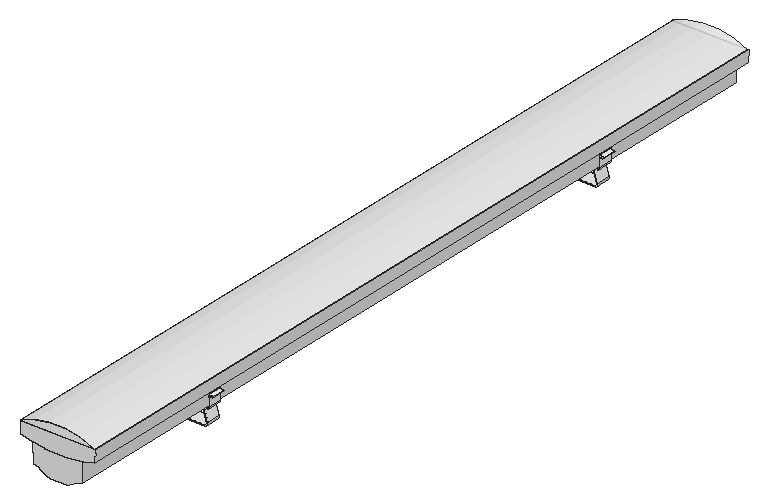
Revit family "Lighting-Industriale-GEWISS-SMART[3]-PLAFONIERA-LED_OPALE_1200mm", category Apparecchi per illuminazione, host Superficie, Revit 2019
Family settings
  Host = Superficie
  Quota connettore circolare = Usa diametro
  Tipo di parte = Normale
  Numero OmniClass = 23.80.70.11
  Titolo OmniClass = Luminaries for Internal Lighting
  Taglio con vuoti quando caricato = No
  Sorgente d'illuminazione = No
  Condiviso = No
  Punto di calcolo locali = Sì
Parameters (values of type "GWS3236PD30K - SMART3 LED 1200 2X36 OPALE DALI 30K")
  Visibilita_etichetta [instance] = yes
  Versione file RFA = "20.11"
  URL = "https://www.gewiss.com/it/it"
  Tipologia sorgente luminosa = "LED - Non sostituibile"
  Tipologia = "DALI"
  Tipo alimentatore = "Driver Led in corrente continua"
  Tensione = "220/240 V - 50/60 Hz - Dali"
  Temperatura di utilizzo = "-30 +50 °C"
  Temperatura di funzionamento = "-25 +50 °C"
  Temperatura di colore: = "3000 K (CRI 80)"
  Temperatura di colore = "3000 K (CRI 80)"
  Struttura = GEWISS - SMART 3 - GRIGIO
  Stampa 1_200 = no
  Stampa 1_100 = not(Stampa 1_200)  # yes
  Spostamento_Y_etichetta [instance] = 0 mm
  Spostamento_Y_effettivo_etichetta [instance] = 1500 mm - Spostamento_Y_etichetta  # 1500 mm
  Spostamento_X_etichetta [instance] = 0 mm
  Spostamento_X_effettivo_etichetta [instance] = 1500 mm - Spostamento_X_etichetta  # 1500 mm
  Schermo. = Gewiss - Led Acceso
  Schermo = "Opale"
  Scheda Tecnica = "https://www.gewiss.com/it/it/search?q=GWS3236PD30K"
  SEO = "Plafoniera"
  Resistenza agli urti = "IK08"
  Default Elevation = 1219.2 mm
  Produttore = "GEWISS S.p.A."
  Potenza di sistema = "40W"
  Peso (kg): = "2"
  NÂ° LED (#) = "63"
  Modello = "GWS3236PD30K"
  Lunghezza Lampada = 1200 mm  # constant formula
  Lunghezza = "1200 mm"
  Lumen output (lm) = "4500"
  Lampada: = "LED"
  Lampada = "LED"
  LED LifeTime (L80B20) = "85000H"
  LED Life time (L90B50) = "50000H"
  LED Life time (L80B50) = "100000H"
  LED Life time (L70) = "80000H"
  Immagine tipo = GWS3136P.jpg
  IFC.TypeObject = ""
  IFC.ExportType = ""
  IFC.ExportAs = ""
  IDT = "6d1ae202-d28e-42ab-a03c-f890c181dcac"
  IDF = "88a93abf-ed4e-4284-b5e5-3f2e7fa50ef6"
  Grado di protezione = "IP66/IP69"
  Glow Wire Test = "850°C"
  Garanzia = "5 anni"
  Ganci = GEWISS  - ALLUMINIO
  Flusso nominale (lm) = "5500"
  Failure rate apparecchio (50.000h, Tq=25Â° C) = "<2,5%"
  Failure rate apparecchio (35.000h, Tq=35Â° C) = "<2,5%"
  Descrizione = "SMART3 1200 63LED 45W OPALE DALI 3000K"
  Creato da GEWISS S.p.A. = ""
  Commenti sul wattaggio = "45W"
  Codice Electrocod = "2434"
  Codice EAN = "8011564877061"
  Classe isolamento = "II"
  Classe di efficienza LED integrati = "A ÷ A++"
  Catalogo Serie = "SMART [3]"
  Catalogo = "LIGHTING"
  Carico apparente = 45 VA
  COBie.Tagnumber = ""
  COBie.CreatedOn = ""
  COBie.CreatebBy = ""
  COBie.ComponentRegisterItemID = ""
  COBie.Component.TagNumber = ""
  COBie.Component.Space = ""
  COBie.Component.SerialNumber = ""
  COBie.Component.InstallationDate = ""
  COBie.Component.Description = ""
  COBie.Component.BarCode = ""
  Applicazione = "Interno"
  Apparecchio a ridotta temperatura superficiale = "Conforme"
Types (17, lengths in mm): name | Tipologia | Tensione | Temperatura di colore: | Temperatura di colore | Schermo | Scheda Tecnica | Potenza di sistema | NÂ° LED (#) | Modello | Lumen output (lm) | IDT | Flusso nominale (lm) | Descrizione | Commenti sul wattaggio | Codice EAN | Carico apparente
  (no name) | "DALI" | "220/240 V - 50/60 Hz - Dali" | "3000 K (CRI 80)" | "3000 K (CRI 80)" | "Opale" | "https://www.gewiss.com/it/it/search?q=GWS3236PD30K" | "40W" | "63" | "GWS3236PD30K" | "4500" | "6d1ae202-d28e-42ab-a03c-f890c181dcac" | "5500" | "SMART3 1200 63LED 45W OPALE DALI 3000K" | "20W" | "8011564877061" | 20 VA
  GWS3236P57K - SMART3 LED 1200 2X36 OPALE 57K | "Stand alone" | "220/240 V - 50/60 Hz - Stand alone" | "5700 K (CRI 80)" | "5700 K (CRI 80)" | "Opale" | "https://www.gewiss.com/it/it/search?q=GWS3236P57K" | "40W" | "63" | "GWS3236P57K" | "4500" | "f4670a3a-d920-4993-b4a1-7a7209a80b32" | "5500" | "SMART3 1200 63LED 43W OPALE 5700K" | "43W" | "8011564872417" | 43 VA
  GWS3236PD - SMART3 LED 1200 2X36 OPALE DALI | "DALI" | "220/240 V - 50/60 Hz - Dali" | "4000 K (CRI 80)" | "4000 K (CRI 80)" | "Opale" | "https://www.gewiss.com/it/it/search?q=GWS3236PD" | "40W" | "63" | "GWS3236PD" | "4500" | "bcbc1ff6-813a-452e-a920-af4e6536ddc7" | "5500" | "SMART3 1200 63LED 45W OPALE 4000K DALI" | "45W" | "8011564869226" | 45 VA
  GWS3236PD30K - SMART3 LED 1200 2X36 OPALE DALI 30K | "DALI" | "220/240 V - 50/60 Hz - Dali" | "3000 K (CRI 80)" | "3000 K (CRI 80)" | "Opale" | "https://www.gewiss.com/it/it/search?q=GWS3236PD30K" | "40W" | "63" | "GWS3236PD30K" | "4500" | "6d1ae202-d28e-42ab-a03c-f890c181dcac" | "5500" | "SMART3 1200 63LED 45W OPALE DALI 3000K" | "45W" | "8011564877061" | 45 VA
  GWS3236PD57K - SMART3 LED 1200 2X36 OPALE DALI 57K | "DALI" | "220/240 V - 50/60 Hz - Dali" | "5700 K (CRI 80)" | "5700 K (CRI 80)" | "Opale" | "https://www.gewiss.com/it/it/search?q=GWS3236PD57K" | "40W" | "63" | "GWS3236PD57K" | "4500" | "9f6dd6ad-c686-4a06-881d-54e529a95397" | "5500" | "SMART3 1200 63LED 45W OPALE DALI 5700K" | "45W" | "8011564877078" | 45 VA
  GWS3136PL - SMART3 LED 1200 1X36 OPALE LP | "Stand alone" | "220/240 V - 50/60 Hz - Stand alone" | "4000 K (CRI 80)" | "4000 K (CRI 80)" | "Opale con cablaggio passante" | "https://www.gewiss.com/it/it/search?q=GWS3136PL" | "20W" | "54" | "GWS3136PL" | "2300" | "74bcd6f5-0182-4508-bd13-301becc1230f" | "2900" | "SMART3 1200 54LED 20W OPALE CABLAGGIO PASSANTE 4000K" | "20W" | "8011564857582" | 20 VA
  GWS3136PLD - SMART3 LED 1200 1X36 OPALE DALI LP | "DALI" | "220/240 V - 50/60 Hz - Dali" | "4000 K (CRI 80)" | "4000 K (CRI 80)" | "Opale con cablaggio passante" | "https://www.gewiss.com/it/it/search?q=GWS3136PLD" | "21W" | "54" | "GWS3136PLD" | "2300" | "20602e6c-2f47-4c8c-bf98-4875574b0b81" | "2900" | "SMART3 1200 54LED 20W OPALE CABLAGGIO PASSANTE DALI 4000K" | "20W" | "8011564872042" | 20 VA
  GWS3236PL - SMART3 LED 1200 2X36 OPALE LP | "Stand alone" | "220/240 V - 50/60 Hz - Stand alone" | "4000 K (CRI 80)" | "4000 K (CRI 80)" | "Opale con cablaggio passante" | "https://www.gewiss.com/it/it/search?q=GWS3236PL" | "40W" | "63" | "GWS3236PL" | "4500" | "6bdd60c4-5580-4a93-9967-79fe81d7c187" | "5500" | "SMART3 1200 63LED 43W OPALE CABLAGGIO PASSANTE 4000K" | "43W" | "8011564857605" | 43 VA
  GWS3236PL30K - SMART3 LED 1200 2X36 OPALE 30K LP | "Stand alone" | "220/240 V - 50/60 Hz - Stand alone" | "3000 K (CRI 80)" | "3000 K (CRI 80)" | "Opale con cablaggio passante" | "https://www.gewiss.com/it/it/search?q=GWS3236PL30K" | "40W" | "63" | "GWS3236PL30K" | "4500" | "3fef82af-84ed-4717-abe7-9d98b095e320" | "5500" | "SMART3 1200 63LED 43W OPALE CABLAGGIO PASSANTE 3000K" | "43W" | "8011564871946" | 43 VA
  GWS3236PL57K - SMART3 LED 1200 2X36 OPALE 57K LP | "Stand alone" | "220/240 V - 50/60 Hz - Stand alone" | "5700 K (CRI 80)" | "5700 K (CRI 80)" | "Opale con cablaggio passante" | "https://www.gewiss.com/it/it/search?q=GWS3236PL57K" | "40W" | "63" | "GWS3236PL57K" | "4500" | "abc0ed3b-bac7-4374-b21a-7809df3421c4" | "5500" | "SMART3 1200 63LED 43W OPALE CABLAGGIO PASSSANTE 5700K" | "43W" | "8011564872455" | 43 VA
  GWS3236PLD - SMART3 LED 1200 2X36 OPALE DALI LP | "DALI" | "220/240 V - 50/60 Hz - Dali" | "4000 K (CRI 80)" | "4000 K (CRI 80)" | "Opale con cablaggio passante" | "https://www.gewiss.com/it/it/search?q=GWS3236PLD" | "40W" | "63" | "GWS3236PLD" | "4500" | "0548514d-88ff-44da-8324-ba3c1dc94def" | "5500" | "SMART3 1200 63LED 45W OPALE CABLAGGIO PASSANTE DALI 4000K" | "45W" | "8011564872035" | 45 VA
  GWS3236PLD30K - SMART3 LED 1200 2X36 OPALE DALI 30K LP | "DALI" | "220/240 V - 50/60 Hz - Dali" | "3000 K (CRI 80)" | "3000 K (CRI 80)" | "Opale con cablaggio passante" | "https://www.gewiss.com/it/it/search?q=GWS3236PLD30K" | "40W" | "63" | "GWS3236PLD30K" | "4500" | "e33183f5-e4b9-4046-988c-2f97ef39d33e" | "5500" | "SMART3 1200 63LED 45W OPALE CABLAGGIO PASSANTE DALI 3000K" | "45W" | "8011564877085" | 45 VA
  GWS3236PLD57K - SMART3 LED 1200 2X36 OPALE DALI 57K LP | "DALI" | "220/240 V - 50/60 Hz - Dali" | "5700 K (CRI 80)" | "5700 K (CRI 80)" | "Opale con cablaggio passante" | "https://www.gewiss.com/it/it/search?q=GWS3236PLD57K" | "40W" | "63" | "GWS3236PLD57K" | "4500" | "a2817ed0-fa27-4c19-a29a-9b6083e21286" | "5500" | "SMART3 1200 63LED 45W OPALE CABLAGGIO PASSANTE DALI 5700K" | "45W" | "8011564877092" | 45 VA
  GWS3136P - SMART3 LED 1200 1X36 OPALE | "Stand alone" | "220/240 V - 50/60 Hz - Stand alone" | "4000 K (CRI 80)" | "4000 K (CRI 80)" | "Opale" | "https://www.gewiss.com/it/it/search?q=GWS3136P" | "20W" | "54" | "GWS3136P" | "2300" | "9dfc6fcb-4477-4ddc-83d0-90dad949a377" | "2900" | "SMART3 1200 54LED 20W OPALE 4000K" | "20W" | "8011564857537" | 20 VA
  GWS3236P - SMART3 LED 1200 2X36 OPALE | "Stand alone" | "220/240 V - 50/60 Hz - Stand alone" | "4000 K (CRI 80)" | "4000 K (CRI 80)" | "Opale" | "https://www.gewiss.com/it/it/search?q=GWS3236P" | "40W" | "63" | "GWS3236P" | "4500" | "ee5477fc-5d5a-4ab9-b357-8ea4dd7ac4dc" | "5500" | "SMART3 1200 63LED 43W OPALE 4000K" | "43W" | "8011564857568" | 43 VA
  GWS3236P30K - SMART3 LED 1200 2X36 OPALE 30K | "Stand alone" | "220/240 V - 50/60 Hz - Stand alone" | "3000 K (CRI 80)" | "3000 K (CRI 80)" | "Opale" | "https://www.gewiss.com/it/it/search?q=GWS3236P30K" | "40W" | "63" | "GWS3236P30K" | "4500" | "4de1e3c8-6dd7-4664-82c6-78de08505db0" | "5500" | "SMART3 1200 63LED 43W OPALE 3000K" | "43W" | "8011564872615" | 43 VA
  GWS3136PD - SMART3 LED 1200 1X36 OPALE DALI | "DALI" | "220/240 V - 50/60 Hz - Dali" | "4000 K (CRI 80)" | "4000 K (CRI 70)" | "Opale" | "https://www.gewiss.com/it/it/search?q=GWS3136PD" | "21W" | "54" | "GWS3136PD" | "2300" | "72726cfb-c859-47d2-bd20-1617affb04b6" | "2900" | "SMART3 1200 54LED 22W OPALE DALI 4000K" | "20W" | "8011564869196" | 20 VA
Reference planes
  plane 1 "Centro (Fronte/Retro)": y = 0
  plane 2: z = 0
  plane 3 "Centro (Sinistra/Destra)": x = 0
  plane 4: x = -1500
  plane 5: y = -1500
  plane 6: x = 0
  plane 7: y = 0
Forms (mm)
  Extrusion 1, solid, material "GEWISS  - ALLUMINIO" <- "Ganci", detail levels medium+fine
    sketch origin (0, 0, 0) x (1, 0, 0) y (0, 0, 1)
      loop
        arc (31.431, -0.002) -> (34.576, 1.589) -> (35.156, 5.066) r 3.903
        line (35.156, 5.066) -> (29.612, 23.211)
        arc (29.612, 23.211) -> (29.883, 24.381) -> (31.032, 24.73) r 1.2
        line (31.032, 24.73) -> (34.307, 23.974)
        arc (34.307, 23.974) -> (36.765, 24.53) -> (37.859, 26.8) r 2.9
        line (37.859, 26.8) -> (37.859, 38.8)
        arc (37.859, 38.8) -> (37.648, 39.694) -> (37.059, 40.4) r 2
        line (37.059, 40.4) -> (37.059, 42.71) -> (42.861, 40.598) -> (43.203, 41.538) -> (37.53, 43.603)
        arc (37.53, 43.603) -> (37.019, 43.613) -> (36.605, 43.311) r 0.8
        line (36.605, 43.311) -> (36.306, 26.139)
        arc (36.306, 26.139) -> (35.6, 25.444) -> (34.616, 25.34) r 1.5
        line (34.616, 25.34) -> (31.344, 26.095)
        arc (31.344, 26.095) -> (28.858, 25.335) -> (28.273, 22.802) r 2.6
        line (28.273, 22.802) -> (33.827, 4.636)
        arc (33.827, 4.636) -> (33.449, 2.415) -> (31.438, 1.4) r 2.5
        line (31.438, 1.4) -> (-31.437, 1.4)
        arc (-31.437, 1.4) -> (-33.449, 2.415) -> (-33.827, 4.636) r 2.5
        line (-33.827, 4.636) -> (-28.273, 22.802)
        arc (-28.273, 22.802) -> (-28.858, 25.335) -> (-31.344, 26.095) r 2.6
        line (-31.344, 26.095) -> (-34.616, 25.34)
        arc (-34.616, 25.34) -> (-35.6, 25.444) -> (-36.306, 26.139) r 1.5
        line (-36.306, 26.139) -> (-36.605, 43.311)
        arc (-36.605, 43.311) -> (-37.019, 43.613) -> (-37.53, 43.603) r 0.8
        line (-37.53, 43.603) -> (-43.203, 41.538) -> (-42.861, 40.598) -> (-37.059, 42.71) -> (-37.059, 40.4)
        arc (-37.059, 40.4) -> (-37.648, 39.694) -> (-37.859, 38.8) r 2
        line (-37.859, 38.8) -> (-37.859, 26.8)
        arc (-37.859, 26.8) -> (-36.765, 24.53) -> (-34.307, 23.974) r 2.9
        line (-34.307, 23.974) -> (-31.032, 24.73)
        arc (-31.032, 24.73) -> (-29.883, 24.381) -> (-29.612, 23.211) r 1.2
        line (-29.612, 23.211) -> (-35.156, 5.066)
        arc (-35.156, 5.066) -> (-34.576, 1.589) -> (-31.431, -0.002) r 3.903
        line (-31.431, -0.002) -> (31.431, -0.002)
    from 348.766 to 368.766
  Extrusion 2, solid, material "GEWISS  - ALLUMINIO" <- "Ganci", detail levels medium+fine
    sketch origin (0, 0, 0) x (1, 0, 0) y (0, 0, -1)
      loop
        line (31.431, 0.002) -> (-31.431, 0.002)
        arc (-31.431, 0.002) -> (-34.576, -1.589) -> (-35.156, -5.066) r 3.903
        line (-35.156, -5.066) -> (-29.612, -23.211)
        arc (-29.612, -23.211) -> (-29.883, -24.381) -> (-31.032, -24.73) r 1.2
        line (-31.032, -24.73) -> (-34.307, -23.974)
        arc (-34.307, -23.974) -> (-36.765, -24.53) -> (-37.859, -26.8) r 2.9
        line (-37.859, -26.8) -> (-37.859, -38.8)
        arc (-37.859, -38.8) -> (-37.648, -39.694) -> (-37.059, -40.4) r 2
        line (-37.059, -40.4) -> (-37.059, -42.71) -> (-42.861, -40.598) -> (-43.203, -41.538) -> (-37.53, -43.603)
        arc (-37.53, -43.603) -> (-37.019, -43.613) -> (-36.605, -43.311) r 0.8
        line (-36.605, -43.311) -> (-36.306, -26.139)
        arc (-36.306, -26.139) -> (-35.6, -25.444) -> (-34.616, -25.34) r 1.5
        line (-34.616, -25.34) -> (-31.344, -26.095)
        arc (-31.344, -26.095) -> (-28.858, -25.335) -> (-28.273, -22.802) r 2.6
        line (-28.273, -22.802) -> (-33.827, -4.636)
        arc (-33.827, -4.636) -> (-33.449, -2.415) -> (-31.437, -1.4) r 2.5
        line (-31.437, -1.4) -> (31.438, -1.4)
        arc (31.438, -1.4) -> (33.449, -2.415) -> (33.827, -4.636) r 2.5
        line (33.827, -4.636) -> (28.273, -22.802)
        arc (28.273, -22.802) -> (28.858, -25.335) -> (31.344, -26.095) r 2.6
        line (31.344, -26.095) -> (34.616, -25.34)
        arc (34.616, -25.34) -> (35.6, -25.444) -> (36.306, -26.139) r 1.5
        line (36.306, -26.139) -> (36.605, -43.311)
        arc (36.605, -43.311) -> (37.019, -43.613) -> (37.53, -43.603) r 0.8
        line (37.53, -43.603) -> (43.203, -41.538) -> (42.861, -40.598) -> (37.059, -42.71) -> (37.059, -40.4)
        arc (37.059, -40.4) -> (37.648, -39.694) -> (37.859, -38.8) r 2
        line (37.859, -38.8) -> (37.859, -26.8)
        arc (37.859, -26.8) -> (36.765, -24.53) -> (34.307, -23.974) r 2.9
        line (34.307, -23.974) -> (31.032, -24.73)
        arc (31.032, -24.73) -> (29.883, -24.381) -> (29.612, -23.211) r 1.2
        line (29.612, -23.211) -> (35.156, -5.066)
        arc (35.156, -5.066) -> (34.576, -1.589) -> (31.431, 0.002) r 3.903
    from 348.766 to 368.766
  Extrusion 3, solid, material "GEWISS - SMART 3 - GRIGIO" <- "Struttura", detail levels medium+fine
    sketch origin (0, 0, 0) x (1, 0, 0) y (0, 0, 1)
      loop
        line (-36.331, 55.757) -> (-35.847, 28.018)
        arc (-35.847, 28.018) -> (-33.139, 27.27) -> (-30.416, 26.58) r 129.5
        arc (-30.416, 26.58) -> (-28.066, 25.76) -> (-25.915, 24.506) r 13
        arc (-25.915, 24.506) -> (-24.23, 23.324) -> (-22.521, 22.178) r 99.5
        arc (-22.521, 22.178) -> (-16.401, 19.063) -> (-9.748, 17.365) r 31.146
        line (-9.748, 17.365) -> (12.491, 17.365)
        arc (12.491, 17.365) -> (17.822, 19.098) -> (22.764, 21.745) r 31.646
        arc (22.764, 21.745) -> (24.509, 22.915) -> (26.228, 24.122) r 100
        arc (26.228, 24.122) -> (28.283, 25.313) -> (30.525, 26.095) r 12.5
        arc (30.525, 26.095) -> (33.437, 26.834) -> (36.332, 27.64) r 130
        line (36.332, 27.64) -> (36.824, 55.851)
        arc (36.824, 55.851) -> (24.914, 53.937) -> (12.909, 52.764) r 195.047
        line (12.909, 52.764) -> (-12.909, 52.764)
        arc (-12.909, 52.764) -> (-24.665, 53.905) -> (-36.331, 55.757) r 195.047
    from -600 to 600
  Extrusion 4, solid, material "GEWISS - SMART 3 - GRIGIO" <- "Struttura", detail levels medium+fine
    sketch origin (0, 0, 0) x (1, 0, 0) y (0, 0, 1)
      loop
        line (54.725, 60.184) -> (55.177, 77.445) -> (-55.177, 77.445) -> (-54.725, 60.184)
        arc (-54.725, 60.184) -> (-34.019, 55.332) -> (-12.909, 52.764) r 195.047
        line (-12.909, 52.764) -> (12.909, 52.764)
        arc (12.909, 52.764) -> (34.019, 55.332) -> (54.725, 60.184) r 195.047
    from -600 to 600
  Extrusion 5, solid, material "Gewiss - Led Acceso" <- "Schermo.", detail levels medium+fine
    sketch origin (0, 0, 0) x (1, 0, 0) y (0, 0, 1)
      loop
        arc (54.697, 78.441) -> (-0.014, 90.457) -> (-54.723, 78.429) r 130.5
        arc (-54.723, 78.429) -> (-54.988, 77.838) -> (-54.5, 77.445) r 0.5
        line (-54.5, 77.445) -> (54.479, 77.445)
        arc (54.479, 77.445) -> (54.988, 77.855) -> (54.697, 78.441) r 0.522
    from -600 to 600
  Extrusion 6, solid, material "GEWISS - SMART 3 - GRIGIO" <- "Struttura", detail levels coarse
    sketch origin (0, 0, 0) x (1, 0, 0) y (0, 0, 1)
      loop
        line (-54.5, 90.439) -> (-54.5, 0) -> (54.5, 0) -> (54.5, 90.439) -> (-54.5, 90.439)
    from -600 to 600
Lines and regions (mm)
  Masking region 1
    outline origin (0, 0, 0) x (1, 0, 0) y (0, 1, 0)
      loop
        line (-55.177, 600) -> (-55.177, -600) -> (55.177, -600) -> (55.177, 600) -> (-55.177, 600)
  symbolic lines, style "GEWISS - LIGHT 2D"
    curve 1: line (0, 488.766, 0) -> (0, -535.897, 0)
Dimensions and locks
  plane 4 to plane 3 "Centro (Sinistra/Destra)" = 1500 mm
  "Spostamento_X_effettivo_etichetta": plane 4 to plane 6
  plane 1 "Centro (Fronte/Retro)" to plane 5 = 1500 mm
  "Spostamento_Y_effettivo_etichetta": plane 7 to plane 5
  aligned and locked: plane 2 to host face
  aligned and locked: level to host face
  aligned and locked: Masking region 1 sketch curve to Extrusion 4  (x4)
  aligned and locked: nested 1 to plane 7
  aligned and locked: plane 6 to nested 1
  aligned and locked: curve 1 to plane 3 "Centro (Sinistra/Destra)"
Automatic sketch dimensions
  host sketch curve to host sketch curve = 2438.4 mm  (x2)
  Extrusion 1 sketch curve to Extrusion 1 sketch curve = 0 mm  (x28)
  Extrusion 1 sketch curve to plane 3 "Centro (Sinistra/Destra)" = 43.203 mm
  level to Extrusion 1 sketch curve = 40.598 mm
  Extrusion 1 sketch curve to Extrusion 1 sketch curve = 0.342 mm  (x2)
  Extrusion 1 sketch curve to Extrusion 1 sketch curve = 5.002 mm  (x2)
  Extrusion 1 sketch curve to Extrusion 1 sketch curve = 0.329 mm
  Extrusion 1 sketch curve to Extrusion 1 sketch curve = 0.271 mm  (x2)
  Extrusion 1 sketch curve to Extrusion 1 sketch curve = 0.8 mm  (x2)
  Extrusion 1 sketch curve to Extrusion 1 sketch curve = 0.454 mm  (x2)
  Extrusion 1 sketch curve to Extrusion 1 sketch curve = 1.554 mm
  Extrusion 1 sketch curve to Extrusion 1 sketch curve = 2 mm
  level to Extrusion 1 sketch curve = 5.066 mm  (x2)
  Extrusion 1 sketch curve to Extrusion 1 sketch curve = 1.15 mm
  Extrusion 1 sketch curve to Extrusion 1 sketch curve = 1.346 mm  (x2)
  Extrusion 1 sketch curve to Extrusion 1 sketch curve = 0.343 mm  (x2)
  level to Extrusion 1 sketch curve = 4.636 mm  (x2)
  Extrusion 1 sketch curve to Extrusion 1 sketch curve = 1.329 mm  (x2)
  level to Extrusion 1 sketch curve = 1.4 mm
  Extrusion 1 sketch curve to Extrusion 1 sketch curve = 2.389 mm  (x2)
  Extrusion 1 sketch curve to Extrusion 1 sketch curve = 0.007 mm  (x2)
  Extrusion 1 sketch curve to Extrusion 1 sketch curve = 3.584 mm  (x2)
  Extrusion 1 sketch curve to Extrusion 1 sketch curve = 0.273 mm  (x2)
  plane 3 "Centro (Sinistra/Destra)" to Extrusion 1 sketch curve = 30.759 mm
  Extrusion 1 sketch curve to level = 0.002 mm
  Extrusion 1 sketch curve to Extrusion 1 sketch curve = 0.672 mm
  Extrusion 1 sketch curve to Extrusion 1 sketch curve = 0.9 mm
  level to Extrusion 1 sketch curve = 26.139 mm
  Extrusion 1 sketch curve to Extrusion 1 sketch curve = 0.746 mm
  Extrusion 1 sketch curve to Extrusion 1 sketch curve = 0.2 mm
  Extrusion 1 sketch curve to Extrusion 1 sketch curve = 2.577 mm
  Extrusion 1 sketch curve to Extrusion 1 sketch curve = 18.496 mm
  Extrusion 1 sketch curve to Extrusion 1 sketch curve = 1.169 mm  (x2)
  Extrusion 1 sketch curve to Extrusion 1 sketch curve = 0.799 mm  (x2)
  Extrusion 1 sketch curve to Extrusion 1 sketch curve = 0.609 mm
  Extrusion 1 sketch curve to Extrusion 1 sketch curve = 1.798 mm  (x2)
  Extrusion 1 sketch curve to Extrusion 1 sketch curve = 12 mm
  Extrusion 1 sketch curve to Extrusion 1 sketch curve = 0.94 mm  (x2)
  Extrusion 1 sketch curve to Extrusion 1 sketch curve = 0.14 mm  (x2)
  Extrusion 1 sketch curve to Extrusion 1 sketch curve = 0.309 mm  (x2)
  Extrusion 1 sketch curve to Extrusion 1 sketch curve = 0.312 mm  (x2)
  Extrusion 1 sketch curve to Extrusion 1 sketch curve = 1.148 mm  (x2)
  Extrusion 1 sketch curve to Extrusion 1 sketch curve = 1.339 mm
  Extrusion 1 sketch curve to Extrusion 1 sketch curve = 2.486 mm
  Extrusion 1 sketch curve to Extrusion 1 sketch curve = 0.409 mm  (x2)
  Extrusion 2 sketch curve to Extrusion 2 sketch curve = 0 mm  (x28)
  Extrusion 2 sketch curve to plane 3 "Centro (Sinistra/Destra)" = 43.203 mm
  level to Extrusion 2 sketch curve = 40.598 mm
  Extrusion 2 sketch curve to Extrusion 2 sketch curve = 0.342 mm  (x2)
  Extrusion 2 sketch curve to Extrusion 2 sketch curve = 5.002 mm  (x2)
  Extrusion 2 sketch curve to Extrusion 2 sketch curve = 0.329 mm
  Extrusion 2 sketch curve to Extrusion 2 sketch curve = 0.271 mm  (x2)
  Extrusion 2 sketch curve to Extrusion 2 sketch curve = 0.8 mm  (x2)
  Extrusion 2 sketch curve to Extrusion 2 sketch curve = 0.454 mm  (x2)
  Extrusion 2 sketch curve to Extrusion 2 sketch curve = 1.554 mm
  Extrusion 2 sketch curve to Extrusion 2 sketch curve = 2 mm
  level to Extrusion 2 sketch curve = 5.066 mm  (x2)
  Extrusion 2 sketch curve to Extrusion 2 sketch curve = 1.15 mm
  Extrusion 2 sketch curve to Extrusion 2 sketch curve = 1.346 mm  (x2)
  Extrusion 2 sketch curve to Extrusion 2 sketch curve = 0.343 mm  (x2)
  level to Extrusion 2 sketch curve = 4.636 mm  (x2)
  Extrusion 2 sketch curve to Extrusion 2 sketch curve = 1.329 mm  (x2)
  level to Extrusion 2 sketch curve = 1.4 mm
  Extrusion 2 sketch curve to Extrusion 2 sketch curve = 2.389 mm  (x2)
  Extrusion 2 sketch curve to Extrusion 2 sketch curve = 0.007 mm  (x2)
  Extrusion 2 sketch curve to Extrusion 2 sketch curve = 3.584 mm  (x2)
  Extrusion 2 sketch curve to Extrusion 2 sketch curve = 0.273 mm  (x2)
  plane 3 "Centro (Sinistra/Destra)" to Extrusion 2 sketch curve = 30.759 mm
  Extrusion 2 sketch curve to level = 0.002 mm
  Extrusion 2 sketch curve to Extrusion 2 sketch curve = 0.672 mm
  Extrusion 2 sketch curve to Extrusion 2 sketch curve = 0.9 mm
  level to Extrusion 2 sketch curve = 26.139 mm
  Extrusion 2 sketch curve to Extrusion 2 sketch curve = 0.746 mm
  Extrusion 2 sketch curve to Extrusion 2 sketch curve = 0.2 mm
  Extrusion 2 sketch curve to Extrusion 2 sketch curve = 14.46 mm
  Extrusion 2 sketch curve to Extrusion 2 sketch curve = 0.94 mm  (x2)
  Extrusion 2 sketch curve to Extrusion 2 sketch curve = 0.14 mm  (x2)
  Extrusion 2 sketch curve to Extrusion 2 sketch curve = 2.31 mm  (x2)
  Extrusion 2 sketch curve to Extrusion 2 sketch curve = 12 mm
  Extrusion 2 sketch curve to Extrusion 2 sketch curve = 0.661 mm  (x2)
  Extrusion 2 sketch curve to Extrusion 2 sketch curve = 0.609 mm  (x2)
  Extrusion 2 sketch curve to Extrusion 2 sketch curve = 1.169 mm  (x2)
  Extrusion 2 sketch curve to Extrusion 2 sketch curve = 0.309 mm  (x2)
  Extrusion 2 sketch curve to Extrusion 2 sketch curve = 0.312 mm  (x2)
  Extrusion 2 sketch curve to Extrusion 2 sketch curve = 1.148 mm  (x2)
  Extrusion 2 sketch curve to Extrusion 2 sketch curve = 1.339 mm
  Extrusion 2 sketch curve to Extrusion 2 sketch curve = 2.486 mm
  Extrusion 2 sketch curve to Extrusion 2 sketch curve = 1.365 mm  (x2)
  Extrusion 3 sketch curve to plane 3 "Centro (Sinistra/Destra)" = 36.331 mm
  Extrusion 3 sketch curve to Extrusion 3 sketch curve = 0.484 mm
  Extrusion 3 sketch curve to Extrusion 3 sketch curve = 2.34 mm
  Extrusion 3 sketch curve to plane 3 "Centro (Sinistra/Destra)" = 32.068 mm
  Extrusion 3 sketch curve to plane 3 "Centro (Sinistra/Destra)" = 12.909 mm
  Extrusion 3 sketch curve to plane 3 "Centro (Sinistra/Destra)" = 9.748 mm
  Extrusion 3 sketch curve to plane 3 "Centro (Sinistra/Destra)" = 5.421 mm
  Extrusion 3 sketch curve to plane 3 "Centro (Sinistra/Destra)" = 0.057 mm
  Extrusion 3 sketch curve to plane 3 "Centro (Sinistra/Destra)" = 0.007 mm
  Extrusion 3 sketch curve to plane 3 "Centro (Sinistra/Destra)" = 0.001 mm
  plane 3 "Centro (Sinistra/Destra)" to Extrusion 3 sketch curve = 0.057 mm
  plane 3 "Centro (Sinistra/Destra)" to Extrusion 3 sketch curve = 5.412 mm
  plane 3 "Centro (Sinistra/Destra)" to Extrusion 3 sketch curve = 12.491 mm
  Extrusion 3 sketch curve to Extrusion 3 sketch curve = 7.496 mm
  plane 3 "Centro (Sinistra/Destra)" to Extrusion 3 sketch curve = 32.059 mm
  Extrusion 3 sketch curve to Extrusion 3 sketch curve = 21.008 mm
  Extrusion 3 sketch curve to Extrusion 3 sketch curve = 2.833 mm
  Extrusion 3 sketch curve to Extrusion 3 sketch curve = 23.916 mm
  level to Extrusion 3 sketch curve = 13.953 mm  (x2)
  level to Extrusion 3 sketch curve = 17.365 mm  (x2)
  Extrusion 3 sketch curve to Extrusion 3 sketch curve = 13.687 mm
  Extrusion 3 sketch curve to Extrusion 3 sketch curve = 14.064 mm
  Extrusion 3 sketch curve to Extrusion 3 sketch curve = 30.844 mm
  Extrusion 3 sketch curve to Extrusion 3 sketch curve = 0 mm  (x3)
  Extrusion 3 sketch curve to Extrusion 3 sketch curve = 4.555 mm
  Extrusion 3 sketch curve to Extrusion 3 sketch curve = 2.993 mm
  Extrusion 3 sketch curve to Extrusion 3 sketch curve = 3.087 mm
  Extrusion 3 sketch curve to Extrusion 3 sketch curve = 49.52 mm
  Extrusion 3 sketch curve to Extrusion 3 sketch curve = 49.615 mm
  Extrusion 3 sketch curve to Extrusion 3 sketch curve = 47.089 mm
  Extrusion 3 sketch curve to Extrusion 3 sketch curve = 5.431 mm
  Extrusion 3 sketch curve to Extrusion 3 sketch curve = 4.5 mm
  Extrusion 3 sketch curve to Extrusion 3 sketch curve = 10.273 mm
  Extrusion 3 sketch curve to Extrusion 3 sketch curve = 3.465 mm
  Extrusion 3 sketch curve to Extrusion 3 sketch curve = 4.297 mm
  Extrusion 4 sketch curve to plane 3 "Centro (Sinistra/Destra)" = 55.177 mm
  Extrusion 4 sketch curve to Extrusion 4 sketch curve = 0.452 mm  (x2)
  Extrusion 4 sketch curve to plane 3 "Centro (Sinistra/Destra)" = 12.909 mm
  Extrusion 4 sketch curve to plane 3 "Centro (Sinistra/Destra)" = 0.057 mm
  plane 3 "Centro (Sinistra/Destra)" to Extrusion 4 sketch curve = 0.057 mm
  plane 3 "Centro (Sinistra/Destra)" to Extrusion 4 sketch curve = 12.909 mm
  Extrusion 4 sketch curve to Extrusion 4 sketch curve = 41.816 mm
  level to Extrusion 4 sketch curve = 52.764 mm
  Extrusion 4 sketch curve to Extrusion 4 sketch curve = 7.42 mm  (x2)
  Extrusion 4 sketch curve to Extrusion 4 sketch curve = 17.262 mm
  Extrusion 5 sketch curve to plane 3 "Centro (Sinistra/Destra)" = 0 mm
  Extrusion 5 sketch curve to plane 3 "Centro (Sinistra/Destra)" = 54.5 mm
  plane 3 "Centro (Sinistra/Destra)" to Extrusion 5 sketch curve = 54.479 mm
  Extrusion 5 sketch curve to level = 40.043 mm
  level to Extrusion 5 sketch curve = 77.445 mm
  Extrusion 5 sketch curve to Extrusion 5 sketch curve = 0.5 mm
  Extrusion 5 sketch curve to Extrusion 5 sketch curve = 0.522 mm
  Extrusion 5 sketch curve to Extrusion 5 sketch curve = 0.21 mm
  Extrusion 5 sketch curve to Extrusion 5 sketch curve = 0.014 mm
  Extrusion 5 sketch curve to Extrusion 5 sketch curve = 0 mm
  Extrusion 6 sketch curve to level = 0 mm
  Extrusion 6 sketch curve to plane 3 "Centro (Sinistra/Destra)" = 54.5 mm
  plane 3 "Centro (Sinistra/Destra)" to Extrusion 6 sketch curve = 54.5 mm
  Extrusion 6 sketch curve to Extrusion 6 sketch curve = 90.439 mm
  plane 1 "Centro (Fronte/Retro)" to curve 1 = 535.897 mm
  curve 1 to plane 1 "Centro (Fronte/Retro)" = 488.766 mm
Nested families
  nested 1: "ETICHETTA WATTAGGIO" at (0, 0, 0), visible <- "Visibilita_etichetta", type "ETICHETTA WATTAGGIO"
Connectors
  electrical at (0, 0, 0), driven by "Carico apparente"
    settings: on Masking region 1, index 1, voltage 230 V, apparent load 0 VA, apparent load phase1 45 VA, apparent load phase2 0 VA, apparent load phase3 0 VA, power factor 1, load classification "Illuminazione", number of poles 2, system type 31, power factor state 1, is connector primary yes, connector utility no, sub classification motor no, connector description ""
Definition of nested family "ETICHETTA WATTAGGIO"
  Parameters (values of type "ETICHETTA WATTAGGIO")
    GW - Potenza di sistema = ""
    GW - Numero LED = ""
    COMMENTI = "13W"
    1_200 = no
    1_100 = yes
  Reference planes
    plane 1: y = 0
    plane 2: x = 0
  Text (mm)
    label "GW - Potenza di sistema\nGW - Numero LED LED" at (-0.057, -0.214, 0), shows "GW - Potenza di sistema", "GW - Numero LED", visible <- "1_100"
    label "GW - Potenza di sistema\nGW - Numero LED LED " at (-0.057, -0.214, 0), shows "GW - Potenza di sistema", "GW - Numero LED", visible <- "1_200"
